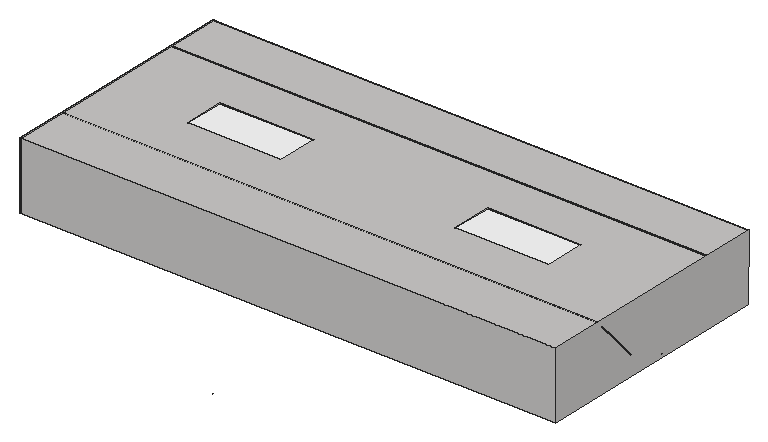
Revit family "QF_ELECTROLUXPROFESSIONAL_642042_EC1840T", category Specialty Equipment, Revit 2014
Reference planes
  plane 1: z = 0
  plane 2 "Center (Left/Right)": x = 150
  plane 3 "LEFT": x = -1850
  plane 4 "RIGHT": x = 2150
  plane 5 "BACK": y = 550
  plane 6 "TOP": z = 2500
  plane 7 "Base": z = 2000
  plane 8: z = 1946
  plane 9: x = -1847
  plane 10 "DrainX": x = 1999
  plane 11 "AOLeft2": x = -500
  plane 12 "AORight1": x = 800
  plane 13: x = 2147
  plane 14: x = -1650
  plane 15: x = 1950
  plane 16: x = 50
  plane 17: x = 250
  plane 18 "AOLeft1": x = -1200
  plane 19 "AORight2": x = 1500
  plane 20: y = -200
  plane 21 "Front": y = -1250
  plane 22: through (0, 60.354, 2382.279) normal (0, 0.766, -0.6428)
  plane 23: through (0, -760.351, 2382.279) normal (0, -0.766, -0.6428)
  plane 24: through (0, 72.154, 2402.468) normal (0, -0.753, 0.6581)
  plane 25: through (0, -772.152, 2402.468) normal (0, -0.753, -0.6581)
  plane 26 "Center (Front/Back)": y = -350
  plane 27: y = -500
Forms (mm)
  Extrusion 1, solid, material "QF_Finishes_Stainless Steel"
    sketch origin (-1850, 0, 360) x (0, 1, 0) y (0, 0, 1)
      loop
        line (550, 1640) -> (550, 2140) -> (-1250, 2140) -> (-1250, 1640) -> (550, 1640)
    from 0 to 3
  Extrusion 2, solid, material "QF_Finishes_Stainless Steel"
    sketch origin (2150, 0, 360) x (0, 1, 0) y (0, 0, 1)
      loop
        line (550, 1640) -> (550, 2140) -> (-1250, 2140) -> (-1250, 1640) -> (550, 1640)
    from 0 to -3
  Extrusion 3, solid, material "QF_Finishes_Stainless Steel"
    sketch origin (150, 0, 360) x (0, 1, 0) y (0, 0, 1)
      loop
        line (-1250, 2140) -> (-1250, 1640) -> (-1240, 1640) -> (-1240, 1640.8) -> (-1249.2, 1640.8) -> (-1249.2, 2139.19) -> (549.2, 2139.19) -> (549.2, 1640.8) -> (540, 1640.8) -> (540, 1640) -> (550, 1640) -> (550, 2140) -> (-1250, 2140)
    from -2000 to 2000
  Extrusion 4, solid, material "QF_Finishes_Stainless Steel"
    sketch origin (0, -900, 2000) x (0, 1, 0) y (-1, 0, 0)
      loop
        circle (550, -1999) r 6.35
    from -3.799 to 0
  Extrusion 5, void
    sketch origin (0, 200, 2500) x (0, 1, 0) y (-1, 0, 0)
      loop
        line (-400, 500) -> (-400, 1200) -> (-700, 1200) -> (-700, 500) -> (-400, 500)
    from 0 to -10
  Extrusion 6, solid, material "QF_Finishes_Stainless Steel"
    sketch origin (0, 0, 0) x (1, 0, 0) y (0, 1, 0)
      loop
        line (-1850, 550) -> (-1850, 549) -> (-1849, 549) -> (-1849, 550) -> (-1850, 550)
    from 0 to 1
  Extrusion 7, solid, material "QF_Finishes_Stainless Steel"
    sketch origin (150, -200, 360) x (0, 1, 0) y (0, 0, 1)
      loop
        line (-79.471, 1685.734) -> (-56.882, 1665.992) -> (272.154, 2042.468) -> (249.566, 2062.21) -> (-79.471, 1685.734)
      loop
        line (-572.152, 2042.468) -> (-243.115, 1665.992) -> (-220.526, 1685.734) -> (-549.563, 2062.21) -> (-572.152, 2042.468)
    from -1800 to -1997
  Extrusion 8, solid, material "QF_Finishes_Stainless Steel"
    sketch origin (150, -200, 360) x (0, 1, 0) y (0, 0, 1)
      loop
        line (360.354, 2141.454) -> (357.903, 2143.511) -> (264.331, 2031.996) -> (266.169, 2030.453) -> (357.41, 2139.19) -> (358.454, 2139.19) -> (360.354, 2141.454)
      loop
        line (-39.202, 1672.761) -> (-56.017, 1663.363) -> (-81.407, 1685.429) -> (-81.974, 1684.862) -> (-54.914, 1661.345) -> (-90.242, 1641.601) -> (-209.758, 1641.601) -> (-245.086, 1661.345) -> (-218.026, 1684.862) -> (-218.593, 1685.429) -> (-243.983, 1663.363) -> (-260.798, 1672.761) -> (-262.311, 1670.055) -> (-209.966, 1640.801) -> (-90.034, 1640.801) -> (-37.689, 1670.055) -> (-39.202, 1672.761)
      loop
        line (-560.354, 2022.279) -> (-557.903, 2024.336) -> (-564.331, 2031.996) -> (-566.169, 2030.453) -> (-657.41, 2139.19) -> (-658.454, 2139.19) -> (-560.354, 2022.279)
    from -1997 to 1997
  Extrusion 9, solid, material "QF_Finishes_Stainless Steel"
    sketch origin (150, -200, 360) x (0, 1, 0) y (0, 0, 1)
      loop
        line (272.154, 2042.468) -> (249.566, 2062.21) -> (-79.471, 1685.734) -> (-56.882, 1665.992) -> (272.154, 2042.468)
      loop
        line (-572.154, 2042.468) -> (-243.118, 1665.992) -> (-220.529, 1685.734) -> (-549.566, 2062.21) -> (-572.154, 2042.468)
    from 1997 to 1800
  Extrusion 10, solid, material "QF_Finishes_Stainless Steel"
    sketch origin (150, -200, 360) x (0, 1, 0) y (0, 0, 1)
      loop
        line (272.154, 2042.468) -> (249.566, 2062.21) -> (-79.471, 1685.734) -> (-56.882, 1665.992) -> (272.154, 2042.468)
      loop
        line (-572.154, 2042.468) -> (-243.118, 1665.992) -> (-220.529, 1685.734) -> (-549.566, 2062.21) -> (-572.154, 2042.468)
    from -100 to 100
  Extrusion 11, solid, material "QF_Finished_Chrome"
    sketch origin (150, -200, 360) x (0, 1, 0) y (0, 0, 1)
      loop
        line (249.566, 2062.21) -> (-79.471, 1685.734) -> (-56.882, 1665.992) -> (272.154, 2042.468) -> (249.566, 2062.21)
      loop
        line (-549.566, 2062.21) -> (-572.154, 2042.468) -> (-243.118, 1665.992) -> (-220.529, 1685.734) -> (-549.566, 2062.21)
    from -1800 to -100
  Extrusion 12, solid, material "QF_Finished_Chrome"
    sketch origin (150, -200, 360) x (0, 1, 0) y (0, 0, 1)
      loop
        line (272.154, 2042.468) -> (249.566, 2062.21) -> (-79.471, 1685.734) -> (-56.882, 1665.992) -> (272.154, 2042.468)
      loop
        line (-572.154, 2042.468) -> (-243.118, 1665.992) -> (-220.529, 1685.734) -> (-549.566, 2062.21) -> (-572.154, 2042.468)
    from 100 to 1800
  Sweep 13, solid, material "QF_Finishes_Stainless Steel"
    path origin (0, 0, 0) x (1, 0, 0) y (0, 1, 0)
      loop
        line (2150, 550) -> (-1850, 550) -> (-1850, -1250) -> (2150, -1250) -> (2150, 550)
    profile origin (2150, -350, 0) x (1, 0, 0) y (0, 0, 1)
      loop
        line (-3, 2000) -> (-3, 2000.8) -> (-19, 2000.8) -> (-19, 2010) -> (-20, 2010) -> (-20, 2000) -> (-3, 2000)
  Extrusion 14, void
    sketch origin (0, 200, 2500) x (0, 1, 0) y (-1, 0, 0)
      loop
        line (-400, -1500) -> (-400, -800) -> (-700, -800) -> (-700, -1500) -> (-400, -1500)
    from 0 to -10
  Extrusion 15, solid, material "QF_Finishes_Stainless Steel"
    sketch origin (1999, 0, 0) x (0, 1, 0) y (0, 0, 1)
      loop
        arc (-305.856, 1994.063) -> (-304.108, 1996.894) -> (-300.97, 1998.001) r 5
        line (-300.97, 1998.001) -> (-295, 1998.001) -> (-295, 2000.8) -> (-405, 2000.8) -> (-405, 1998.001) -> (-399.03, 1998.001)
        arc (-399.03, 1998.001) -> (-395.892, 1996.894) -> (-394.144, 1994.063) r 5
        line (-394.144, 1994.063) -> (-387.14, 1955.845)
        arc (-387.14, 1955.845) -> (-382.769, 1948.768) -> (-374.925, 1946) r 12.5
        line (-374.925, 1946) -> (-325.075, 1946)
        arc (-325.075, 1946) -> (-317.231, 1948.768) -> (-312.86, 1955.845) r 12.5
        line (-312.86, 1955.845) -> (-305.856, 1994.063)
    from -90 to 90
Cuts and joins
  Extrusion 5, Extrusion 14 cuts Extrusion 3
  joined: Extrusion 2, Extrusion 3, Sweep 13
Lines and regions (mm)
  symbolic lines, style "SpecialityEquipment", detail levels coarse
    curve 1: line (2150, 550, 2500) -> (-1850, 550, 2500)
    curve 2: line (-1850, 550, 2500) -> (-1850, -1250.8, 2500)
    curve 3: line (2150, -1250.8, 2500) -> (2150, 550, 2500)
    curve 4: line (-1850, 550, 0) -> (2150, -1250, 0)
    curve 5: line (2150, 550, 0) -> (-1850, -1250, 0)
  symbolic lines, detail levels coarse
    curve 6: line (-1850, -1250, 0) -> (2150, -1250, 0)
    curve 7: line (-1200, -500, 0) -> (-500, -500, 0)
    curve 8: line (-1200, -200, 0) -> (-1200, -500, 0)
    curve 9: line (-500, -200, 0) -> (-1200, -200, 0)
    curve 10: line (-500, -500, 0) -> (-500, -200, 0)
    curve 11: line (800, -200, 0) -> (800, -500, 0)
    curve 12: line (1500, -200, 0) -> (800, -200, 0)
    curve 13: line (1500, -500, 0) -> (1500, -200, 0)
    curve 14: line (800, -500, 0) -> (1500, -500, 0)
Dimensions and locks
  plane 3 "LEFT" to plane 4 "RIGHT" = 4000 mm
  equal spacing: plane 3 "LEFT", plane 2 "Center (Left/Right)", plane 4 "RIGHT"
  plane 3 "LEFT" to plane 9 = 3 mm
  plane 10 "DrainX" to plane 4 "RIGHT" = 151 mm
  plane 13 to plane 4 "RIGHT" = 3 mm
  plane 3 "LEFT" to plane 14 = 200 mm
  plane 15 to plane 4 "RIGHT" = 200 mm
  locked: plane 11 "AOLeft2" to plane 12 "AORight1" at 1300
  equal spacing: plane 11 "AOLeft2", plane 2 "Center (Left/Right)", plane 12 "AORight1"
  locked: plane 7 "Base" to level at 2000
  locked: plane 16 to plane 17 at 200
  equal spacing: plane 16, plane 2 "Center (Left/Right)", plane 17
  plane 18 "AOLeft1" to plane 11 "AOLeft2" = 700 mm
  plane 12 "AORight1" to plane 19 "AORight2" = 700 mm
  plane 7 "Base" to plane 8 = 54 mm
  plane 5 "BACK" to plane 21 "Front" = 1800 mm  (x2)
  equal spacing: plane 5 "BACK", plane 26 "Center (Front/Back)", plane 21 "Front"
  locked: plane 6 "TOP" to plane 7 "Base" at 500
  plane 27 to plane 20 = 300 mm
  equal spacing: plane 27, plane 26 "Center (Front/Back)", plane 20
  aligned and locked: level to plane 1
  aligned and locked: plane 4 "RIGHT" to Extrusion 3
  aligned and locked: Extrusion 3 to plane 3 "LEFT"
  aligned and locked: Extrusion 7 to plane 9
  aligned and locked: plane 14 to Extrusion 7
  aligned and locked: Extrusion 2 to plane 13
  aligned and locked: plane 13 to Extrusion 9
  aligned and locked: plane 15 to Extrusion 9
  aligned and locked: plane 17 to Extrusion 10
  aligned and locked: Extrusion 10 to plane 16
  aligned and locked: plane 16 to Extrusion 11
  aligned and locked: Extrusion 11 to plane 14
  aligned and locked: Extrusion 12 to plane 17
  aligned and locked: Extrusion 12 to plane 15
  aligned and locked: Extrusion 8 to plane 9
  aligned and locked: plane 13 to Extrusion 8
  aligned and locked: Extrusion 5 to plane 18 "AOLeft1"
  aligned and locked: Extrusion 5 to plane 11 "AOLeft2"
  aligned and locked: plane 12 "AORight1" to Extrusion 14
  aligned and locked: plane 19 "AORight2" to Extrusion 14
  aligned and locked: plane 21 "Front" to Sweep 13 sketch curve
  aligned and locked: plane 27 to Extrusion 14
  aligned and locked: plane 27 to Extrusion 5
  aligned and locked: plane 20 to Extrusion 14
  aligned and locked: plane 20 to Extrusion 5
  aligned and locked: curve 7 to Extrusion 5
  aligned and locked: curve 8 to Extrusion 5
  aligned and locked: curve 9 to Extrusion 5
  aligned and locked: curve 10 to Extrusion 5
  aligned and locked: curve 11 to Extrusion 14
  aligned and locked: curve 12 to Extrusion 14
  aligned and locked: curve 13 to Extrusion 14
  aligned and locked: curve 14 to Extrusion 14
Automatic sketch dimensions
  curve 2 to plane 3 "LEFT" = 0 mm
  curve 3 to plane 4 "RIGHT" = 0 mm
  curve 2 to plane 5 "BACK" = 0 mm
  Extrusion 1 sketch curve to plane 7 "Base" = 0 mm
  Extrusion 1 sketch curve to plane 5 "BACK" = 0 mm
  Extrusion 1 sketch curve to plane 6 "TOP" = 0 mm
  Extrusion 2 sketch curve to plane 7 "Base" = 0 mm
  Extrusion 2 sketch curve to plane 5 "BACK" = 0 mm
  Extrusion 2 sketch curve to plane 6 "TOP" = 0 mm
  Extrusion 3 sketch curve to plane 6 "TOP" = 0 mm
  Extrusion 3 sketch curve to plane 7 "Base" = 0 mm  (x2)
  Extrusion 3 sketch curve to plane 5 "BACK" = 0 mm
  Extrusion 3 sketch curve to Extrusion 3 sketch curve = 9.2 mm
  plane 7 "Base" to Extrusion 3 sketch curve = 0.8 mm  (x2)
  Extrusion 3 sketch curve to plane 5 "BACK" = 10 mm
  Extrusion 3 sketch curve to plane 5 "BACK" = 0.8 mm
  Extrusion 3 sketch curve to plane 6 "TOP" = 0.81 mm
  Extrusion 4 sketch curve to plane 10 "DrainX" = 0 mm
  Extrusion 5 sketch curve to plane 11 "AOLeft2" = 0 mm
  Extrusion 5 sketch curve to plane 18 "AOLeft1" = 0 mm
  Extrusion 6 sketch curve to plane 3 "LEFT" = 0 mm
  Extrusion 6 sketch curve to plane 5 "BACK" = 0 mm
  plane 3 "LEFT" to Extrusion 6 sketch curve = 1 mm
  Extrusion 6 sketch curve to Extrusion 6 sketch curve = 1 mm
  Sweep 13 sketch curve to plane 3 "LEFT" = 0 mm
  Sweep 13 sketch curve to plane 4 "RIGHT" = 0 mm
  Sweep 13 sketch curve to plane 5 "BACK" = 0 mm
  profile plane to Sweep 13 sketch curve = 20 mm
  Sweep 13 sketch curve to Sweep 13 sketch curve = 1 mm
  profile plane to Sweep 13 sketch curve = 3 mm
  level to Sweep 13 sketch curve = 2000 mm
  Sweep 13 sketch curve to Sweep 13 sketch curve = 0.8 mm
  Sweep 13 sketch curve to Sweep 13 sketch curve = 9.2 mm
  Extrusion 14 sketch curve to plane 11 "AOLeft2" = 2000 mm
  plane 18 "AOLeft1" to Extrusion 14 sketch curve = 2000 mm
  Extrusion 14 sketch curve to Extrusion 14 sketch curve = 300 mm
  Extrusion 3 sketch curve to Extrusion 3 sketch curve = 0.8 mm
  curve 5 to plane 3 "LEFT" = 0 mm
  curve 4 to plane 3 "LEFT" = 0 mm
  curve 5 to plane 4 "RIGHT" = 0 mm
  curve 6 to plane 4 "RIGHT" = 0 mm
  curve 4 to plane 5 "BACK" = 0 mm
  curve 5 to plane 5 "BACK" = 0 mm
  curve 6 to plane 21 "Front" = 0 mm
  Extrusion 7 sketch curve to plane 24 = 0 mm  (x2)
  Extrusion 7 sketch curve to plane 6 "TOP" = 77.79 mm  (x2)
  plane 7 "Base" to Extrusion 7 sketch curve = 25.992 mm  (x2)
  plane 7 "Base" to Extrusion 7 sketch curve = 45.734 mm
  Extrusion 7 sketch curve to plane 25 = 0 mm
  plane 25 to Extrusion 7 sketch curve = 0 mm
  Extrusion 11 sketch curve to plane 24 = 0 mm  (x2)
  Extrusion 11 sketch curve to plane 6 "TOP" = 77.79 mm  (x2)
  Extrusion 11 sketch curve to Extrusion 11 sketch curve = 22.589 mm
  plane 7 "Base" to Extrusion 11 sketch curve = 25.992 mm  (x2)
  Extrusion 10 sketch curve to plane 24 = 0 mm  (x2)
  Extrusion 10 sketch curve to plane 6 "TOP" = 77.79 mm  (x2)
  Extrusion 10 sketch curve to Extrusion 10 sketch curve = 22.589 mm
  plane 7 "Base" to Extrusion 10 sketch curve = 25.992 mm  (x2)
  Extrusion 12 sketch curve to plane 24 = 0 mm  (x2)
  Extrusion 12 sketch curve to plane 6 "TOP" = 77.79 mm  (x2)
  Extrusion 12 sketch curve to Extrusion 12 sketch curve = 22.589 mm
  plane 7 "Base" to Extrusion 12 sketch curve = 25.992 mm  (x2)
  Extrusion 9 sketch curve to plane 24 = 0 mm  (x2)
  Extrusion 9 sketch curve to plane 6 "TOP" = 77.79 mm  (x2)
  Extrusion 9 sketch curve to Extrusion 9 sketch curve = 22.589 mm
  plane 7 "Base" to Extrusion 9 sketch curve = 25.992 mm  (x2)
  Extrusion 4 sketch curve to plane 20 = 150 mm
  plane 7 "Base" to Extrusion 9 sketch curve = 45.734 mm
  plane 7 "Base" to Extrusion 10 sketch curve = 45.734 mm
  plane 7 "Base" to Extrusion 11 sketch curve = 45.734 mm
  plane 7 "Base" to Extrusion 12 sketch curve = 45.734 mm
  plane 26 "Center (Front/Back)" to Extrusion 5 sketch curve = 150 mm
  plane 22 to Extrusion 8 sketch curve = 0 mm  (x2)
  Extrusion 8 sketch curve to plane 6 "TOP" = 0.81 mm  (x2)
  plane 21 "Front" to Extrusion 8 sketch curve = 391.546 mm
  Extrusion 8 sketch curve to Extrusion 8 sketch curve = 1.044 mm
  Extrusion 8 sketch curve to plane 6 "TOP" = 109.547 mm  (x2)
  Extrusion 8 sketch curve to Extrusion 8 sketch curve = 91.241 mm
  Extrusion 8 sketch curve to plane 6 "TOP" = 108.004 mm  (x2)
  Extrusion 8 sketch curve to plane 6 "TOP" = 117.721 mm
  plane 7 "Base" to Extrusion 8 sketch curve = 30.055 mm
  plane 7 "Base" to Extrusion 8 sketch curve = 32.761 mm  (x2)
  Extrusion 8 sketch curve to Extrusion 8 sketch curve = 1.512 mm
  plane 7 "Base" to Extrusion 8 sketch curve = 21.345 mm  (x2)
  Extrusion 8 sketch curve to Extrusion 8 sketch curve = 17.225 mm
  plane 7 "Base" to Extrusion 8 sketch curve = 23.363 mm  (x2)
  Extrusion 8 sketch curve to Extrusion 8 sketch curve = 25.389 mm  (x2)
  Extrusion 8 sketch curve to Extrusion 8 sketch curve = 0.567 mm  (x4)
  plane 7 "Base" to Extrusion 8 sketch curve = 0.801 mm
  Extrusion 8 sketch curve to Extrusion 8 sketch curve = 0.208 mm  (x2)
  plane 7 "Base" to Extrusion 8 sketch curve = 1.601 mm
  Extrusion 8 sketch curve to Extrusion 8 sketch curve = 8.268 mm
  Extrusion 8 sketch curve to Extrusion 8 sketch curve = 1.103 mm
  Extrusion 8 sketch curve to Extrusion 8 sketch curve = 16.816 mm
  plane 20 to Extrusion 8 sketch curve = 357.903 mm
  Extrusion 8 sketch curve to Extrusion 8 sketch curve = 2.451 mm
  Extrusion 8 sketch curve to Extrusion 8 sketch curve = 21.498 mm  (x2)
  curve 3 to plane 21 "Front" = 0.8 mm
  curve 2 to plane 21 "Front" = 0.8 mm
  Extrusion 1 sketch curve to plane 21 "Front" = 0 mm
  Extrusion 2 sketch curve to plane 21 "Front" = 0 mm
  Extrusion 3 sketch curve to plane 21 "Front" = 0 mm
  Extrusion 5 sketch curve to plane 26 "Center (Front/Back)" = 150 mm
  Extrusion 7 sketch curve to plane 26 "Center (Front/Back)" = 399.563 mm
  Extrusion 8 sketch curve to plane 26 "Center (Front/Back)" = 112.311 mm
  plane 26 "Center (Front/Back)" to Extrusion 8 sketch curve = 59.758 mm
  Extrusion 9 sketch curve to plane 26 "Center (Front/Back)" = 70.529 mm
  Extrusion 9 sketch curve to plane 26 "Center (Front/Back)" = 399.566 mm
  Extrusion 10 sketch curve to plane 26 "Center (Front/Back)" = 70.529 mm
  Extrusion 10 sketch curve to plane 26 "Center (Front/Back)" = 399.566 mm
  Extrusion 11 sketch curve to plane 26 "Center (Front/Back)" = 70.529 mm
  Extrusion 11 sketch curve to plane 26 "Center (Front/Back)" = 399.566 mm
  Extrusion 12 sketch curve to plane 26 "Center (Front/Back)" = 70.529 mm
  Extrusion 12 sketch curve to plane 26 "Center (Front/Back)" = 399.566 mm
  Extrusion 14 sketch curve to plane 20 = 0 mm
  Extrusion 15 sketch curve to plane 8 = 0 mm
  Extrusion 15 sketch curve to plane 7 "Base" = 1.999 mm  (x2)
  Extrusion 15 sketch curve to plane 26 "Center (Front/Back)" = 55 mm
  Extrusion 15 sketch curve to Extrusion 15 sketch curve = 5.97 mm  (x2)
  Extrusion 15 sketch curve to plane 7 "Base" = 5.937 mm  (x2)
  Extrusion 15 sketch curve to Extrusion 15 sketch curve = 4.886 mm  (x2)
  plane 8 to Extrusion 15 sketch curve = 9.845 mm  (x2)
  Extrusion 15 sketch curve to plane 26 "Center (Front/Back)" = 37.14 mm
  Extrusion 15 sketch curve to Extrusion 15 sketch curve = 12.215 mm  (x2)
  plane 26 "Center (Front/Back)" to Extrusion 15 sketch curve = 24.925 mm
  Extrusion 15 sketch curve to Extrusion 15 sketch curve = 7.004 mm
  plane 7 "Base" to Extrusion 15 sketch curve = 0.8 mm
  radius of Extrusion 4 sketch curve = 6.35 mm
Connectors
  piping at (1999, -350, 1996.201), diameter 12.7
    settings: on Extrusion 4, index 1, connector inside diameter 609.6 mm, connector length 0 mm, flow factor 0, pipe flow 0.0 L/s, pressure drop 0.0 Pa, fitting loss kfactor 0, connector angle 0.00°, fixture units 0, engagement length 0 mm, angle of deflection 0.00°, flow configuration 1, flow direction 2, fitting loss method 0, system type 16, joint type 0, gender type 0, connector reference index -1, connector utility 0, adjustable connector no, is connector primary yes, connector description "Drain"
  hvac at (-850, -350, 2500)
    settings: on Extrusion 5, index 2, duct flow 0.0 L/s, flow factor 0, pres drop 0.0 Pa, loss coef 0, conn angle 0.00°, conn width 300 mm, conn height 700 mm, conn diameter 609.6 mm, duct sys type 3, conn prof type 1, flow config 1, flow direction 2, loss method 0, conn ref index -1, conn util no, is conn primary yes, conn desc "EXHAUST OUTLET"
  hvac at (1150, -350, 2500)
    settings: on Extrusion 14, index 3, duct flow 0.0 L/s, flow factor 0, pres drop 0.0 Pa, loss coef 0, conn angle 0.00°, conn width 300 mm, conn height 700 mm, conn diameter 609.6 mm, duct sys type 3, conn prof type 1, flow config 1, flow direction 2, loss method 0, conn ref index -1, conn util no, is conn primary no, conn desc "EXHAUST OUTLET"
